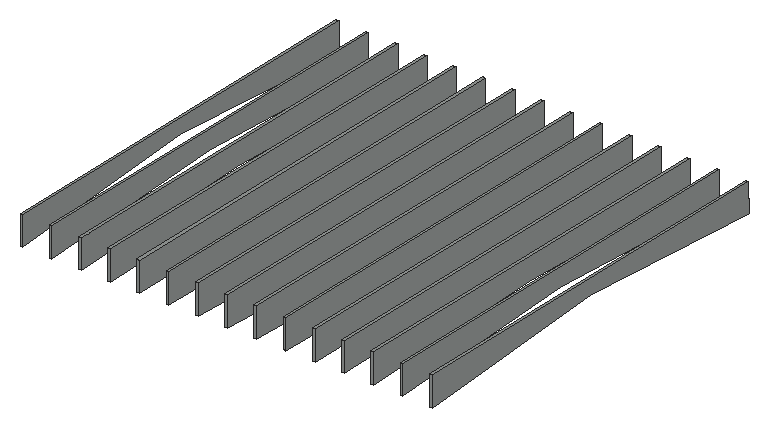
Revit family "Single Baffles 003", category Generic Models, Revit 2021
Family settings
  Can host rebar = No
  Round Connector Dimension = Use Diameter
  Part Type = Normal
  Work Plane-Based = No
  Always vertical = Yes
  Cut with Voids When Loaded = No
  Shared = No
  Room Calculation Point = No
Parameters
  URL = "https://www.csiposhfelt.com/products/baffles/single-baffles-003"
  Manufacturer = "CSI PoshFelt"
  Default Elevation = 0' - 0"
  Core Material = PSH176
Reference planes (in)
  plane 1 "Center (Front/Back)": y = 0
  plane 2: z = 0
  plane 3 "Center (Left/Right)": x = 0
Forms (in)
  Extrusion 1, solid, material "PSH176" <- "Core Material"
    sketch origin (0, 0, 0) x (0, 1, 0) y (0, 0, 1)
      loop
        line (54, 0) -> (-54, 0) -> (-54, -8) -> (0, -4) -> (54, -8) -> (54, 0)
    from -56.375 to -55.625
  Extrusion 2, solid, material "PSH176" <- "Core Material"
    sketch origin (8, 0, 0) x (0, 1, 0) y (0, 0, 1)
      loop
        line (54, 0) -> (-54, 0) -> (-54, -8) -> (0, -5) -> (54, -8) -> (54, 0)
    from -56.375 to -55.625
  Extrusion 3, solid, material "PSH176" <- "Core Material"
    sketch origin (16, 0, 0) x (0, 1, 0) y (0, 0, 1)
      loop
        line (54, 0) -> (-54, 0) -> (-54, -8) -> (0, -6) -> (54, -8) -> (54, 0)
    from -56.375 to -55.625
  Extrusion 4, solid, material "PSH176" <- "Core Material"
    sketch origin (24, 0, 0) x (0, 1, 0) y (0, 0, 1)
      loop
        line (54, 0) -> (-54, 0) -> (-54, -8) -> (0, -7) -> (54, -8) -> (54, 0)
    from -56.375 to -55.625
  Extrusion 5, solid, material "PSH176" <- "Core Material"
    sketch origin (32, 0, 0) x (0, 1, 0) y (0, 0, 1)
      loop
        line (54, 0) -> (-54, 0) -> (-54, -8) -> (0, -8) -> (54, -8) -> (54, 0)
    from -56.375 to -55.625
  Extrusion 6, solid, material "PSH176" <- "Core Material"
    sketch origin (40, 0, 0) x (0, 1, 0) y (0, 0, 1)
      loop
        line (54, 0) -> (-54, 0) -> (-54, -8) -> (0, -9) -> (54, -8) -> (54, 0)
    from -56.375 to -55.625
  Extrusion 7, solid, material "PSH176" <- "Core Material"
    sketch origin (48, 0, 0) x (0, 1, 0) y (0, 0, 1)
      loop
        line (54, 0) -> (-54, 0) -> (-54, -8) -> (0, -10) -> (54, -8) -> (54, 0)
    from -56.375 to -55.625
  Extrusion 8, solid, material "PSH176" <- "Core Material"
    sketch origin (56, 0, 0) x (0, 1, 0) y (0, 0, 1)
      loop
        line (54, 0) -> (-54, 0) -> (-54, -8) -> (0, -11) -> (54, -8) -> (54, 0)
    from -56.375 to -55.625
  Extrusion 9, solid, material "PSH176" <- "Core Material"
    sketch origin (0, 0, 0) x (0, 1, 0) y (0, 0, -1)
      loop
        line (54, 0) -> (54, 8) -> (0, 4) -> (-54, 8) -> (-54, 0) -> (54, 0)
    from -56.375 to -55.625
  Extrusion 10, solid, material "PSH176" <- "Core Material"
    sketch origin (-8, 0, 0) x (0, 1, 0) y (0, 0, -1)
      loop
        line (54, 0) -> (54, 8) -> (0, 5) -> (-54, 8) -> (-54, 0) -> (54, 0)
    from -56.375 to -55.625
  Extrusion 11, solid, material "PSH176" <- "Core Material"
    sketch origin (-16, 0, 0) x (0, 1, 0) y (0, 0, -1)
      loop
        line (54, 0) -> (54, 8) -> (0, 6) -> (-54, 8) -> (-54, 0) -> (54, 0)
    from -56.375 to -55.625
  Extrusion 12, solid, material "PSH176" <- "Core Material"
    sketch origin (-24, 0, 0) x (0, 1, 0) y (0, 0, -1)
      loop
        line (54, 0) -> (54, 8) -> (0, 7) -> (-54, 8) -> (-54, 0) -> (54, 0)
    from -56.375 to -55.625
  Extrusion 13, solid, material "PSH176" <- "Core Material"
    sketch origin (-32, 0, 0) x (0, 1, 0) y (0, 0, -1)
      loop
        line (54, 0) -> (54, 8) -> (0, 8) -> (-54, 8) -> (-54, 0) -> (54, 0)
    from -56.375 to -55.625
  Extrusion 14, solid, material "PSH176" <- "Core Material"
    sketch origin (-40, 0, 0) x (0, 1, 0) y (0, 0, -1)
      loop
        line (54, 0) -> (54, 8) -> (0, 9) -> (-54, 8) -> (-54, 0) -> (54, 0)
    from -56.375 to -55.625
  Extrusion 15, solid, material "PSH176" <- "Core Material"
    sketch origin (-48, 0, 0) x (0, 1, 0) y (0, 0, -1)
      loop
        line (54, 0) -> (54, 8) -> (0, 10) -> (-54, 8) -> (-54, 0) -> (54, 0)
    from -56.375 to -55.625
Lines and regions (in)
  reference lines
    curve 1: line (-8, -60, 0) -> (-8, 60, 0)
    curve 2: line (-16, -60, 0) -> (-16, 60, 0)
    curve 3: line (-24, -60, 0) -> (-24, 60, 0)
    curve 4: line (-32, -60, 0) -> (-32, 60, 0)
    curve 5: line (-40, -60, 0) -> (-40, 60, 0)
    curve 6: line (-48, -60, 0) -> (-48, 60, 0)
    curve 7: line (-56, -60, 0) -> (-56, 60, 0)
Dimensions and locks (in)
  aligned and locked: plane 2 to level
